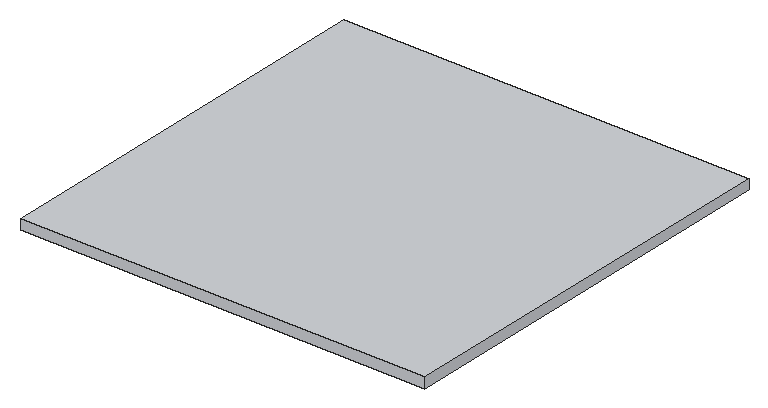
Revit family "79221", category Aparatos sanitarios, Revit 2017
Family settings
  Anfitrión = Cara
  Cota de conector redondo = Diámetro de uso
  Tipo de pieza = Normal
  Número OmniClass = 23.45.55.14
  Título OmniClass = Single Faucets
  Corte con vacíos al cargar = No
  Compartido = No
  Punto de cálculo de habitación = No
Parameters (values of type "79221")
  URL = "http://www.griferiasgalindo.com"
  Teléfono = "(+34) 915 782 575"
  TIPO DE AGUA = "Fria"
  REFERENCIA = "79221"
  Presión Máxima = "Max. 8 bar"
  PESO BRUTO = "1,500 Kg"
  Modelo = "PRESTO DOMO SENSIA - P con Alimentador 12V 2 Blanco"
  Material = LATON CROMADO
  Imagen de tipo = <Ninguno>
  Fabricante = "PRESTO IBÉRICA"
  Default Elevation = 1219.2 mm
  ENTRADA = "Macho 1/2\""
  Descripción = "Grifo eléctronico para lavabo de un agua para instalación mural."
  Código de montaje = "C1030220"
  Contacto = "info@prestoiberica.com"
  Conexión AF = yes
  Conexión AC = no
  Comentarios de tipo = "Ahorro de agua y energia. Componentes integrados. Conexiones internas estancas. Suministrador con caja para empotrar. Cierre automático de electroválvula en caso de fallo de alimentación eléctrica. Aireador \"Flowing Ecosystems\". Aclarado automático c/24h. Pack de pila CR-P2 estanco. Temperatura máxima 70ºC"
  CIERRE = "Automático en 120 seg."
  CAUDAL = "6 l/min."
  Accionamiento = "Manual"
Reference planes
  plane 1 "Centro (Frontal/Posterior)": y = 0
  plane 2: z = 0
  plane 3 "Centro (Izquierda/Derecha)": x = 0
Forms (mm)
  Extrusion 1, solid
    sketch origin (0, 0, 0) x (1, 0, 0) y (0, 1, 0)
      loop
        line (-100, 100) -> (-100, -100) -> (100, -100) -> (100, 100) -> (-100, 100)
    from 0 to -5
Dimensions and locks
  Extrusion 1 sketch curve to plane 1 "Centro (Frontal/Posterior)" = 100 mm
  aligned and locked: plane 2 to Extrusion 1
  aligned and locked: level to Extrusion 1
Connectors
  piping at (0, -43.5, -62.5), diameter 12.7
    settings: on import instance, index 1, connector inside diameter 609.6 mm, connector length 0 mm, flow factor 0, pipe flow 0.0 L/s, pressure drop 0.0 Pa, fitting loss kfactor 0, connector angle 0.00°, fixture units 0, engagement length 0 mm, angle of deflection 0.00°, flow configuration 0, flow direction 1, fitting loss method 0, system type 20, joint type 0, gender type 0, connector reference index -1, connector utility 0, adjustable connector no, is connector primary yes, connector description ""
